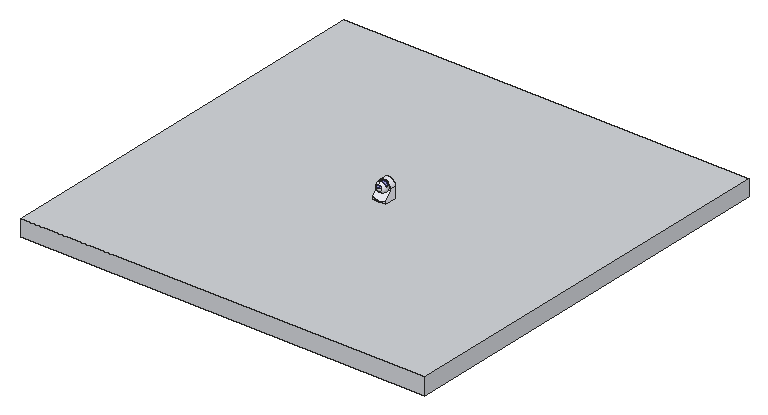
Revit family "LC 140 types Avec hôte", category Dispositifs d'éclairage, Revit 2019
Family settings
  Hôte = Face
  Conserver l'orientation des annotations = Oui
  Cote de connecteur circulaire = Utiliser le diamètre
  Type d'élément = Normal
  Couper avec des vides une fois chargée = Non
  Partagée = Non
  Point de calcul de pièce = Non
Parameters (values of type "01- LC 140 Générique")
  Zone de detection [instance] = no
  URL = "http://www.luxomat.com"
  Type de Sortie = ""
  Température ambiante = "-25°C à +50°C"
  Référence = ""
  Relais = ""
  Position en hauteur = Elévation par défaut  # 250 cm
  Portée frontale [instance] = 400 cm  # constant formula
  Portée de biais [instance] = 1200 cm  # constant formula
  Modèle = "LC 140"
  Mode de pose = "Mural"
  Marque = "LUXOMAT"
  Image du type = MURAL.jpg
  IP = "54"
  Hauteur de montage max préconisée [instance] = Hauteur de montage max  # 400 cm
  Hauteur de montage max = 400 cm
  Fabricant = "B.E.G."
  Etiquette [instance] = yes
  Elévation par défaut = 250 cm
  Consommation = ""
  Commentaires du type = "DET.MOUV.140°/12M MURAL"
  Code d'assemblage = "D5010200"
  Classe = "II"
  Charge LED = ""
  Charge Cos ɸ =1 = ""
  Charge Cos ɸ =0.5 = ""
  Alimentation = "110-240 V AC"
Types (4, lengths in cm): name | Type de Sortie | Référence | Relais | Modèle | IP | Consommation | Commentaires du type | Charge LED | Charge Cos ɸ =1 | Charge Cos ɸ =0.5
  (no name) | "" | "" | "" | "LC 140" | "54" | "" | "DET.MOUV.140°/12M MURAL" | "" | "" | ""
  01- LC 140 Générique | "" | "" | "" | "LC 140" | "54" | "" | "DET.MOUV.140°/12M MURAL" | "" | "" | ""
  02- LC-N 140 réf 91001 | "TOR" | "91001" | "4,3 A" | "LC-N 140" | "54" | "0,4 W" | "DET.MOUV.1 CONTACT.140°/12M MURAL" | "200 W" | "1000 W" | "500 VA"
  03- LC 140 réf 91101 | "TOR" | "91101" | "4,3 A" | "LC 140" | "44" | "0,4 W" | "DET.MOUV.1 CONTACT.140°/12M MURAL SANS DETECTION VERTICALE" | "0" | "1000 W" | "500 VA"
Reference planes (cm)
  plane 1 "Centre (avant/arrière)": y = 0
  plane 2: z = 0
  plane 3 "Centre (gauche/droite)": x = 0
Forms (cm)
  Extrusion 1, solid
    sketch origin (0, 0, 0) x (1, 0, 0) y (0, 1, 0)
      loop
        line (-121.92, 121.92) -> (-121.92, -121.92) -> (121.92, -121.92) -> (121.92, 121.92) -> (-121.92, 121.92)
    from 0 to -10
Dimensions and locks (cm)
  aligned and locked: plane 2 to Extrusion 1
  aligned and locked: level to Extrusion 1
  aligned and locked: Extrusion 1 to nested 3
  aligned and locked: plane 3 "Centre (gauche/droite)" to nested 2
Nested families (cm)
  nested 1: "Famille1" at (0, -52.6659, 0) x (-1, 0, 0) z (0, 0, 1), modele <- "Modèle", visible <- "Etiquette", référence <- "Référence", type "Famille1"
    with référence "", modele "LC 140"
  nested 2: "Symbole Mural 2D" at (0, 0, 0), type "Symbole Mural 2D"
  nested 3: "M2" at (0, -4.4331, 7.2), type "Standard"
  nested 4: "zone B" at (0, 0, 0) x (1, 0, 0) z (0, -1, 0), visible <- "Zone de detection", type "zone B"
Connectors (cm)
  electrical at (0, 0, 0)
    settings: index 1, voltage 230 V, apparent load 0 VA, apparent load phase1 0 VA, apparent load phase2 0 VA, apparent load phase3 0 VA, power factor 1, load classification "Eclairage", number of poles 1, system type 31, power factor state 1, is connector primary yes, connector utility no, sub classification motor no, connector description ""
Definition of nested family "M2"
  Parameters (values of type "Standard")
    d273 = 0.00°
    d272 = 0.00°
    d258 = 10.3 cm
    d158 = 7.2 cm
    Revolution_StartAngle_2 = -90.0709°
    Revolution_StartAngle_1 = -90.0613°
    Revolution_EndAngle_2 = 0.00°
    Revolution_EndAngle_1 = 0.00°
  Reference planes (cm)
    plane 1 "Centre (avant/arrière)": y = 0
    plane 2: z = 0
    plane 3 "Centre (gauche/droite)": x = 0
    plane 4: x = 0
    plane 5: x = 4.65
    plane 6: x = -4.65
    plane 7: x = 4.2
    plane 8: x = -4.2
    plane 9: z = 0
    plane 10: z = -7.2
    plane 11: z = 3.1
    plane 12: x = 5.85
    plane 13: x = -5.85
  Forms (cm)
    Revolve 1, solid
      sketch origin (0, 0, 0) x (0, -1, 0) y (0, 0, -1)
        loop
          arc (-0.65, 1.6397) -> (-2.376, 2.8952) -> (-4.5, 2.6852) r 3
          line (-4.5, 2.6852) -> (-4.5, -0.1) -> (-0.65, -0.1) -> (-0.65, 1.6397)
        axis (-4.5, -0.1) -> (-0.65, -0.1)
      angle from 0 to 360
    Revolve 2, solid
      sketch origin (0, 0, 0) x (0, -1, 0) y (0, 0, -1)
        loop
          line (-0.65, 1.6197) -> (-0.65, -0.1) -> (0, -0.1)
          arc (0, -0.1) -> (-0.1679, 0.8192) -> (-0.65, 1.6197) r 2.6
        axis (0, -0.1) -> (-0.65, -0.1)
      angle from -90.061 <- "Revolution_StartAngle_1" to 90
    Revolve 3, solid
      sketch origin (0, 0, 0) x (0, -1, 0) y (0, 0, -1)
        loop
          line (-0.65, -0.1) -> (-0.65, -1.75)
          arc (-0.65, -1.75) -> (-0.1684, -0.9867) -> (0, -0.1) r 2.4192
          line (0, -0.1) -> (-0.65, -0.1)
        axis (-0.65, -0.1) -> (0, -0.1)
      angle from -90.071 <- "Revolution_StartAngle_2" to 90
    Extrusion 4, void
      sketch origin (0, 0, 0) x (0, -1, 0) y (0, 0, -1)
        loop
          line (-4.25, -0.5) -> (-4.25, -3.5) -> (-1.95, -3.5) -> (-1.95, -0.5) -> (-4.25, -0.5)
      from 4.65 to -4.65
    Revolve 5, solid
      sketch origin (0, 0, 0) x (0, -1, 0) y (0, 0, -1)
        loop
          line (-4.25, -2.8) -> (-1.95, -2.8) -> (-1.95, -0.5) -> (-4.25, -0.5) -> (-4.25, -2.8)
        axis (-1.95, 0) -> (-4.25, 0)
      angle from 0 to 360
    Extrusion 6, void
      sketch origin (0, 0, 0) x (0, -1, 0) y (0, 0, -1)
        loop
          line (-4.25, -0.5) -> (-1.95, -0.5) -> (-1.95, 3.2411) -> (-4.25, 3.2411) -> (-4.25, -0.5)
      from 4.2 to -4.2
    Extrusion 7, solid
      sketch origin (0, 0, -7.2) x (-1, 0, 0) y (0, -1, 0)
        loop
          line (3.9, -7.6) -> (3.9, -0.6)
          arc (3.9, -0.6) -> (0, -0.2) -> (-3.9, -0.6) r 19.2125
          line (-3.9, -0.6) -> (-3.9, -7.6)
          arc (-3.9, -7.6) -> (0, -8) -> (3.9, -7.6) r 19.2125
      from 0 to 10.3
    Extrusion 8, void
      sketch origin (0, 0, 0) x (0, -1, 0) y (0, 0, -1)
        loop
          line (0.0389, 6.5653) -> (-4.4331, 1.4654) -> (-4.4331, -3.5256) -> (0.0389, -3.5256) -> (0.0389, 6.5653)
      from 5.85 to -5.85
    Extrusion 9, void
      sketch origin (5.85, 4.4331, -1.4654) x (0, 0, 1) y (-1, 0, 0)
        loop
          line (0.6654, 10.6176) -> (0.6654, 9.75)
          arc (0.6654, 9.75) -> (4.5654, 5.85) -> (0.6654, 1.95) r 3.9
          line (0.6654, 1.95) -> (0.6654, 0.7522) -> (4.9856, 0.7522) -> (4.9856, 10.6176) -> (0.6654, 10.6176)
      from 6.1831 to -5.5169
  Cuts and joins
    Extrusion 4 cuts Revolve 1
    Extrusion 4 cuts Revolve 2
    Extrusion 8, Extrusion 9 cuts Extrusion 7
    joined: Revolve 1, Revolve 2, Extrusion 7
    Extrusion 6 cuts Revolve 5
  Lines and regions (cm)
    reference lines
      curve 1: arc (0, 0.65, -1.6397) -> (0, 2.376, -2.8952) -> (0, 4.5, -2.6852) r 3
      curve 2: line (0, 4.5, 0.1) -> (0, 4.5, -2.6852)
      curve 3: line (0, 4.5, 0.1) -> (0, 0.65, 0.1)
      curve 4: line (0, 0.65, 0.1) -> (0, 0.65, -1.6397)
      curve 5: line (0, 6.7518, 0.1) -> (0, 0, 0.1)
      curve 6: line (0, 0.65, 1.8397) -> (0, 0.65, -1.6397)
      curve 7: line (0, 0, 0.1) -> (0, 0.65, 0.1)
      curve 8: arc (0, 0, 0.1) -> (0, 0.1679, -0.8192) -> (0, 0.65, -1.6197) r 2.6
      curve 9: line (0, 0.65, 0.1) -> (0, 0, 0.1)
      curve 10: arc (0, 0.65, 1.75) -> (0, 0.1684, 0.9867) -> (0, 0, 0.1) r 2.4192
      curve 11: line (0, 0.65, 0.1) -> (0, 0.65, 1.75)
      curve 12: line (0, 4.25, 0.5) -> (0, 1.95, 0.5)
      curve 13: line (0, 1.95, 0.5) -> (0, 1.95, 3.5)
      curve 14: line (0, 1.95, 3.5) -> (0, 4.25, 3.5)
      curve 15: line (0, 4.25, 3.5) -> (0, 4.25, 0.5)
      curve 16: line (0, 4.25, 2.8) -> (0, 1.95, 2.8)
      curve 17: line (0, 1.95, 2.8) -> (0, 1.95, 0.5)
      curve 18: line (0, 1.95, 0.5) -> (0, 4.25, 0.5)
      curve 19: line (0, 4.25, 0.5) -> (0, 4.25, 2.8)
      curve 20: line (0, -0.85, 0) -> (0, 5.1, 0)
      curve 21: line (0, 4.25, 0.5) -> (0, 1.95, 0.5)
      curve 22: line (0, 1.95, 0.5) -> (0, 1.95, -3.2411)
      curve 23: line (0, 1.95, -3.2411) -> (0, 4.25, -3.2411)
      curve 24: line (0, 4.25, -3.2411) -> (0, 4.25, 0.5)
      curve 25: line (-3.9, 7.6, -7.2) -> (-3.9, 0.6, -7.2)
      curve 26: arc (-3.9, 0.6, -7.2) -> (0, 0.2, -7.2) -> (3.9, 0.6, -7.2) r 19.2125
      curve 27: line (3.9, 7.6, -7.2) -> (3.9, 0.6, -7.2)
      curve 28: arc (3.9, 7.6, -7.2) -> (0, 8, -7.2) -> (-3.9, 7.6, -7.2) r 19.2125
      curve 29: line (0, -0.0389, -6.5653) -> (0, 4.4331, -1.4654)
      curve 30: line (0, 4.4331, -1.4654) -> (0, 4.4331, 3.5256)
      curve 31: line (0, 4.4331, 3.5256) -> (0, -0.0389, 3.5256)
      curve 32: line (0, -0.0389, 3.5256) -> (0, -0.0389, -6.5653)
      curve 33: line (-3.9, 4.4331, -0.8) -> (-4.7676, 4.4331, -0.8)
      curve 34: arc (3.9, 4.4331, -0.8) -> (0, 4.4331, 3.1) -> (-3.9, 4.4331, -0.8) r 3.9
      curve 35: line (5.0978, 4.4331, -0.8) -> (3.9, 4.4331, -0.8)
      curve 36: line (5.0978, 4.4331, 3.5202) -> (5.0978, 4.4331, -0.8)
      curve 37: line (-4.7676, 4.4331, 3.5202) -> (5.0978, 4.4331, 3.5202)
      curve 38: line (-4.7676, 4.4331, -0.8) -> (-4.7676, 4.4331, 3.5202)
  Dimensions and locks (cm)
    "d158": plane 10 to plane 9
    "d258": plane 10 to plane 11
    aligned and locked: level to plane 2
    aligned and locked: Revolve 1 sketch curve to curve 1
    aligned and locked: Revolve 1 sketch curve to curve 2
    aligned and locked: Revolve 1 sketch curve to curve 3
    aligned and locked: Revolve 1 sketch curve to curve 4
    aligned and locked: Revolve 1 sketch curve to curve 5
    aligned and locked: Revolve 2 sketch curve to curve 6
    aligned and locked: Revolve 2 sketch curve to curve 7  (x2)
    aligned and locked: Revolve 2 sketch curve to curve 8
    aligned and locked: Revolve 3 sketch curve to curve 9  (x2)
    aligned and locked: Revolve 3 sketch curve to curve 10
    aligned and locked: Revolve 3 sketch curve to curve 11
    aligned and locked: Extrusion 4 to plane 6
    aligned and locked: Extrusion 4 to plane 5
    aligned and locked: Extrusion 4 sketch curve to curve 12
    aligned and locked: Extrusion 4 sketch curve to curve 13
    aligned and locked: Extrusion 4 sketch curve to curve 14
    aligned and locked: Extrusion 4 sketch curve to curve 15
    aligned and locked: Revolve 5 sketch curve to curve 16
    aligned and locked: Revolve 5 sketch curve to curve 17
    aligned and locked: Revolve 5 sketch curve to curve 18
    aligned and locked: Revolve 5 sketch curve to curve 19
    aligned and locked: Revolve 5 sketch curve to curve 20
    aligned and locked: Extrusion 6 to plane 8
    aligned and locked: Extrusion 6 to plane 7
    aligned and locked: Extrusion 6 sketch curve to curve 21
    aligned and locked: Extrusion 6 sketch curve to curve 22
    aligned and locked: Extrusion 6 sketch curve to curve 23
    aligned and locked: Extrusion 6 sketch curve to curve 24
    aligned and locked: Extrusion 7 to plane 11
    aligned and locked: Extrusion 7 to plane 10
    aligned and locked: Extrusion 7 sketch curve to curve 25
    aligned and locked: Extrusion 7 sketch curve to curve 26
    aligned and locked: Extrusion 7 sketch curve to curve 27
    aligned and locked: Extrusion 7 sketch curve to curve 28
    aligned and locked: Extrusion 8 to plane 13
    aligned and locked: Extrusion 8 to plane 12
    aligned and locked: Extrusion 8 sketch curve to curve 29
    aligned and locked: Extrusion 8 sketch curve to curve 30
    aligned and locked: Extrusion 8 sketch curve to curve 31
    aligned and locked: Extrusion 8 sketch curve to curve 32
    aligned and locked: Extrusion 9 sketch curve to curve 33
    aligned and locked: Extrusion 9 sketch curve to curve 34
    aligned and locked: Extrusion 9 sketch curve to curve 35
    aligned and locked: Extrusion 9 sketch curve to curve 36
    aligned and locked: Extrusion 9 sketch curve to curve 37
    aligned and locked: Extrusion 9 sketch curve to curve 38
Definition of nested family "Famille1"
  Parameters (values of type "Famille1")
    référence [instance] = ""
    modele [instance] = ""
  Reference planes (cm)
    plane 1: y = 0
    plane 2: x = 0
  Text (cm)
    label "référence\nmodele" at (0.0074, -0.6424, 0), shows "référence", "modele"
Definition of nested family "Symbole Mural 2D"
  Reference planes (cm)
    plane 1: y = 0
    plane 2: x = 0
  Lines and regions (cm)
    Filled region 1, type "rouge"
      outline origin (0, 0, 0) x (1, 0, 0) y (0, 1, 0)
        loop
          circle (0, 0) r 0.0294
    detail lines
      curve 1: arc (-0.0294, 0, 0) -> (0, -0.0294, 0) -> (0.0294, 0, 0) r 0.0294
      curve 2: arc (0.0294, 0, 0) -> (0, 0.0294, 0) -> (-0.0294, 0, 0) r 0.0294
      curve 3: arc (0.102, 0.1767, 0) -> (0, 0.204, 0) -> (-0.102, 0.1767, 0) r 0.204
      curve 4: arc (0.081, 0.1403, 0) -> (0, 0.162, 0) -> (-0.081, 0.1403, 0) r 0.162
      curve 5: arc (0.06, 0.1039, 0) -> (0, 0.12, 0) -> (-0.06, 0.1039, 0) r 0.12
Definition of nested family "zone B"
  Parameters (values of type "zone B")
    frontale [instance] = 600 cm
    biais [instance] = 1000 cm
  Reference planes (cm)
    plane 1 "Centre (avant/arrière)": y = 0
    plane 2: z = 0
    plane 3 "Centre (gauche/droite)": x = 0
    plane 4: y = 400
    plane 5: y = 200
    plane 6: y = 1200
    plane 7: x = -500
    plane 8: x = 500
    plane 9: through (0, 0, 400) normal (-0.342, -0.9397, 0)
    plane 10: through (0, 0, 400) normal (-0.342, 0.9397, 0)
  Lines and regions (cm)
    detail lines, in view "Niveau de réf."
      curve 1: arc (375.877, 136.8081, 0) -> (0, 400, 0) -> (-375.877, 136.8081, 0) r 400
      curve 2: spline (-500, 181.9851, 0) -> (-482.9629, 445.4668, 0) -> (-433.0127, 690.9926, 0) -> (-353.5534, 901.8303, 0) -> (-250, 1063.6119, 0) -> (-129.4095, 1165.312, 0) -> (0, 1200, 0) -> (129.4095, 1165.312, 0) -> (250, 1063.6119, 0) -> (353.5534, 901.8303, 0) -> (433.0127, 690.9926, 0) -> (482.9629, 445.4668, 0) -> (500, 181.9851, 0)
      curve 3: line (0, 0, 0) -> (-500, 181.9851, 0)
      curve 4: line (0, 0, 0) -> (500, 181.9851, 0)
      curve 5: line (-317.0326, 544.8861, 0) -> (-234.0876, 544.8861, 0)
      curve 6: line (-234.0876, 544.8861, 0) -> (-262.456, 567.0499, 0)
      curve 7: line (-234.0876, 544.8861, 0) -> (-262.456, 522.7223, 0)
      curve 11: line (0, 326.875, 0) -> (0, 243.93, 0)
      curve 12: line (0, 243.93, 0) -> (22.1638, 272.2984, 0)
      curve 13: line (0, 243.93, 0) -> (-22.1638, 272.2984, 0)
    detail lines, in view "Niveau de réf.", not visible
      curve 8: line (627.3725, -64.2741, 0) -> (628.0656, 18.6681, 0)
      curve 9: line (628.0656, 18.6681, 0) -> (605.6655, -9.5141, 0)
      curve 10: line (628.0656, 18.6681, 0) -> (649.9916, -9.8845, 0)
      curve 14: line (1028.0656, -276.777, 0) -> (1028.0656, -193.8319, 0)
      curve 15: line (1028.0656, -193.8319, 0) -> (1005.9018, -222.2003, 0)
      curve 16: line (1028.0656, -193.8319, 0) -> (1050.2294, -222.2003, 0)
